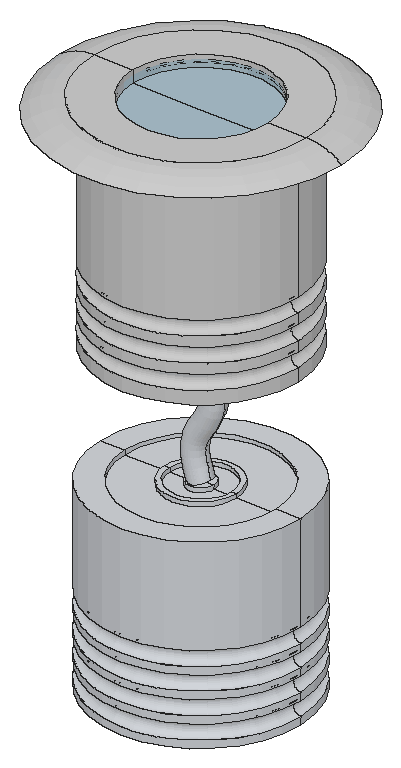
Revit family "SLIM INGROUND 2W SIMETRICO_LKB0126WW.20", category Luminarias, Revit 2019
Family settings
  Cota de conector redondo = Diámetro de uso
  Tipo de pieza = Normal
  Se basa en plano de trabajo = Sí
  Siempre vertical = No
  Corte con vacíos al cargar = No
  Origen de luz = Sí
  Compartido = No
  Punto de cálculo de habitación = No
Parameters (values of type "EMP_LKB0126WW.20")
  Ángulo de inclinación = 30.00°
  Ángulo de enfoque = 20.00°
  Ángulo de campo de foco = 20.00°
  Zone [instance] = ""
  Watt per fixture = 3.2
  Wattage = 3.2 W
  built-in parameter 1150107 = 3000 (stored number, unit not read)
  built-in parameter 1150110 = 1 (stored number, unit not read)
  built-in parameter 1150109 = 1 (stored number, unit not read)
  built-in parameter 1150112 = 1 (stored number, unit not read)
  built-in parameter 1150113 = 1 (stored number, unit not read)
  built-in parameter 1114218 = 1 (stored number, unit not read)
  Keynote = ""
  built-in parameter 1150137 = (empty or 0)
  built-in parameter 1150132 = (empty or 0)
  Modelo = "LKB0126WW.20"
  Lámpara = "OSRAM"
  Longitud de símbolo de origen de luz = 500 mm
  built-in parameter 1150105 = 1595.9 (stored number, unit not read)
  built-in parameter 1150102 = (empty or 0)
  built-in parameter 1150106 = 15.959 (stored number, unit not read)
  Lumens = 109.984 lm
  Color Filter = 16777215
  built-in parameter 1114217 = 1 (stored number, unit not read)
  built-in parameter 1150139 = (empty or 0)
  Fabricante = "BRILLANT"
  Default Elevation = 0 mm
  built-in parameter 1150104 = 3.1931 (stored number, unit not read)
  Descripción = "LUMINARIA TIPO CIRCULAR PARA EMPOTRAR EN PISO CON CUERPO DE ALUMINIO FUNDIDO A PRESION CUBIERTO CON POLVO GRIS OSCURO, CON CUBIERTA DE ACERO INOXIDABLE Y VIDRIO TEMPLADO DE 7MM, INSTALACION EMPOTRABLE EN PISO CON POCO ESPACIO, USO PARA INTERIORES COMO EXTERIORES CON IP 67, CUENTA CON 1 LED TIPO OSRAM CON UNA POTENCIA TOTAL DE 3.2W, A UNA TEMPERATURA EN BLANCO CALIDO 3000K CON 110 LUMENES, 46mA EN CORRIENTE DE OPERACIÓN, IK08, IRC 80, DISPONIBLE PARA ATENUAR EN TRIAC, APERTURA EN 20 GRADOS POR PROYECTO, ALIMENTADA A 100-240V"
  built-in parameter 1150115 = 1 (stored number, unit not read)
  built-in parameter 1150114 = 1 (stored number, unit not read)
  Comentarios de vataje = "100-240V"
  built-in parameter 1150138 = (empty or 0)
  built-in parameter 1150134 = (empty or 0)
  Circuit [instance] = ""
  Dimming Lamp Color Temperature Shift = (empty or 0)
  built-in parameter 1150133 = 10 (stored number, unit not read)
Reference planes
  plane 1 "Centro (Frontal/Posterior)": y = 0
  plane 2: z = 0
  plane 3 "Centro (Izquierda/Derecha)": x = 0
  plane 4: z = -43
  plane 5: z = -43
Forms (mm)
  Revolve 1, solid, material "Acero Inoxidable"
    sketch origin (0, 0, 0) x (1, 0, 0) y (0, 0, 1)
      loop
        line (-13.888, 2.379) -> (-21.807, 2.379)
        arc (-21.807, 2.379) -> (-25.595, 1.769) -> (-29, 0) r 12.065
        line (-29, 0) -> (-20, 0) -> (-20, -27.422)
        arc (-20, -27.422) -> (-18.501, -28.92) -> (-20, -30.419) r 1.499
        line (-20, -30.419) -> (-20, -32.422)
        arc (-20, -32.422) -> (-18.501, -33.92) -> (-20, -35.419) r 1.499
        line (-20, -35.419) -> (-20, -37.422)
        arc (-20, -37.422) -> (-18.501, -38.92) -> (-20, -40.419) r 1.499
        line (-20, -40.419) -> (-20, -43) -> (0, -43) -> (0, 0) -> (-13.888, 0) -> (-13.888, 2.379)
      axis (0, 2.379) -> (0, -43)
    angle from 0 to 360
  Extrusion 2, solid, material "Cristal"
    sketch origin (0, 0, 0) x (1, 0, 0) y (0, 1, 0)
      loop
        circle (0, 0) r 13.888
    from 0.921 to 1.499
  Revolve 3, solid
    sketch origin (0, 0, 0) x (1, 0, 0) y (0, 0, 1)
      loop
        line (0, -68) -> (-2.74, -68) -> (-2.74, -68.8) -> (-6.359, -68.8) -> (-6.359, -68) -> (-7.33, -68) -> (-7.33, -68.8) -> (-15.5, -68.8) -> (-15.5, -68) -> (-20.5, -68) -> (-20.5, -87.886)
        arc (-20.5, -87.886) -> (-19, -89.386) -> (-20.5, -90.886) r 1.5
        line (-20.5, -90.886) -> (-20.5, -92.386)
        arc (-20.5, -92.386) -> (-19, -93.886) -> (-20.5, -95.386) r 1.5
        line (-20.5, -95.386) -> (-20.5, -96.886)
        arc (-20.5, -96.886) -> (-19, -98.386) -> (-20.5, -99.886) r 1.5
        line (-20.5, -99.886) -> (-20.5, -101.386)
        arc (-20.5, -101.386) -> (-19, -102.886) -> (-20.5, -104.386) r 1.5
        line (-20.5, -104.386) -> (-20.5, -105.886) -> (-5.287, -105.886) -> (-5.287, -106.7) -> (-3.687, -106.7) -> (-3.687, -107.5) -> (0, -107.5) -> (0, -68)
      axis (0, -107.5) -> (0, -68)
    angle from 0 to 360
  Sweep 4, solid
    path origin (0, 0, 0) x (1, 0, 0) y (0, 0, 1)
      loop
        spline (0, -43) -> (1.657, -46.367) -> (2.52, -49.202) -> (2.752, -51.568) -> (2.514, -53.527) -> (1.969, -55.145) -> (1.246, -56.519) -> (0.453, -57.778) -> (-0.303, -59.048) -> (-0.913, -60.464) -> (-1.208, -62.242) -> (-0.975, -64.66) -> (0, -68)
    profile origin (1.246, 0, -56.519) x (0.858036, 0, -0.513589) y (0, -1, 0)
      loop
        circle (0, 0) r 2.272
Dimensions and locks
  level to plane 4 = 43 mm
  plane 2 to plane 5 = 43 mm
  aligned and locked: level to plane 2
Connectors
  electrical at (0, 0, -107.5)
    settings: on Revolve 3, index 1, voltage 240 V, apparent load 0 VA, apparent load phase1 0 VA, apparent load phase2 0 VA, apparent load phase3 0 VA, power factor 1, load classification "Otro", number of poles 1, system type 31, power factor state 1, is connector primary yes, connector utility no, sub classification motor no, connector description ""
